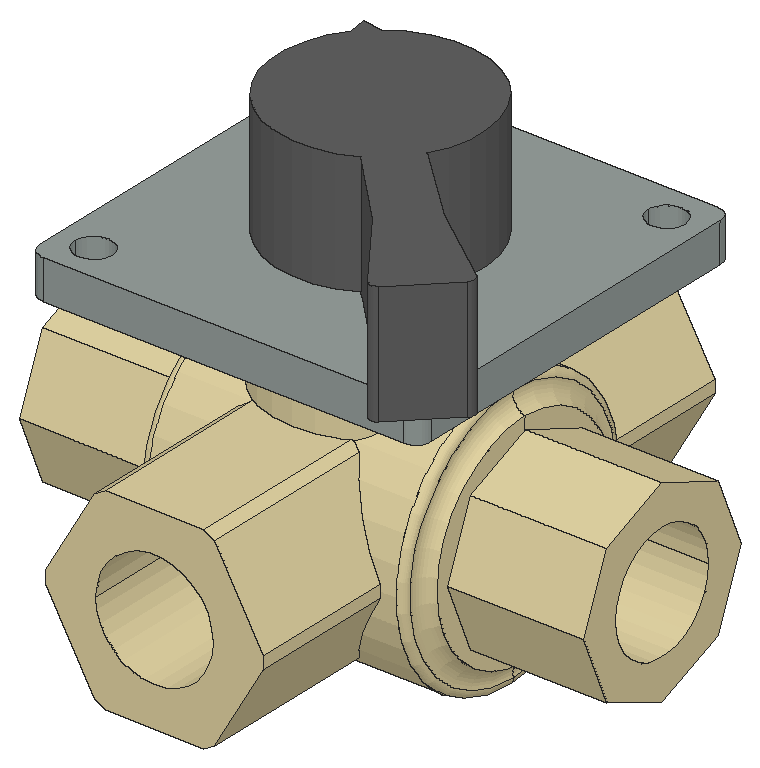
Revit family "QD34730000", category Apparecchi idraulici, Revit 2020
Family settings
  Quota connettore circolare = Usa diametro
  Tipo di parte = Normale
  Numero OmniClass = 23.45.00.00
  Titolo OmniClass = Sanitary, Laundry, and Cleaning Equipment
  Basato su piano di lavoro = No
  Sempre verticale = Sì
  Taglio con vuoti quando caricato = No
  Condiviso = No
  Punto di calcolo locali = No
Parameters
  URL = "https://web.cimberio.com/index.php/figura/1110?subcategoria_id="
  Temperatura di esercizio = "-10 ÷ 95°C"
  Prospetto di default = 0 mm
  Produttore = "CIMBERIO SPA"
  Pressione nominale = "PN 16"
  Modello = "Cim 684"
  Materiale = "Prodotto in lega di ottone conforme alla norma EN 12165-CW617N-DW"
  Descrizione = "Utilizzato nei più svariati settori dell'impiantistica: impianti di riscaldamento, condizionamento, idrici, igienico-sanitari e in generale con ogni fluido non corrosivo.\r\nParticolarmente indicato come valvola  per la regolazione e contabilizzazione di impianti di riscaldamento singoli o a zone, impianti con utilizzazione di energie alternative, impianti con fluidi caldi o freddi e impianti di automazione in genere"
  DN Model [instance] = QD34731015 : QD34731015
  DN [instance] = 15 mm
  Commenti sul tipo = "Realizzato in ottemperanza ai requisiti gestionali della norma EN ISO 9001.\r\nCollaudato al 100% secondo la normativa EN 12266-1"
Reference planes
  plane 1 "Centro (Fronte/Retro)": y = 0
  plane 2: z = 0
  plane 3 "Centro (Sinistra/Destra)": x = 0
Dimensions and locks
  aligned and locked: level to plane 2
Nested families
  nested 1: "QD34731015" at (0, 0, 0), type <- "DN Model", type "QD34731015"
  nested 2: "QD34731015" at (0, 0, 0), type <- "DN Model", type "QD34731015"
  nested 3: "QD34731015" at (0, 0, 0), type <- "DN Model", type "QD34731015"
  nested 4: "QD34731015" at (0, 0, 0), type <- "DN Model", type "QD34731015"
  nested 5: "QD34731015" at (0, 0, 0), type <- "DN Model", type "QD34731015"
  nested 6: "QD34731015" at (0, 0, 0), type <- "DN Model", type "QD34731015"
  nested 7: "QD34731015" at (0, 0, 0), type <- "DN Model", type "QD34731015"
  nested 8: "QD34731015" at (0, 0, 0), type <- "DN Model", type "QD34731015"
Connectors
  piping at (36, 0, 0), diameter 15, driven by "DN"
    settings: on nested 1, index 1, connector inside diameter 609.6 mm, connector length 0 mm, flow factor 0, pipe flow 0.0 L/s, pressure drop 0.0 Pa, fitting loss kfactor 0, connector angle 0.00°, fixture units 0, engagement length 0 mm, angle of deflection 0.00°, flow configuration 0, flow direction 0, fitting loss method 0, system type 7, joint type 0, gender type 0, connector reference index -1, connector utility 0, adjustable connector no, is connector primary yes, connector description ""
  piping at (0, -36, 0), diameter 15, driven by "DN"
    settings: on nested 1, index 2, connector inside diameter 609.6 mm, connector length 0 mm, flow factor 0, pipe flow 0.0 L/s, pressure drop 0.0 Pa, fitting loss kfactor 0, connector angle 0.00°, fixture units 0, engagement length 0 mm, angle of deflection 0.00°, flow configuration 0, flow direction 0, fitting loss method 0, system type 7, joint type 0, gender type 0, connector reference index -1, connector utility 0, adjustable connector no, is connector primary no, connector description ""
  piping at (-36, 0, 0), diameter 15, driven by "DN"
    settings: on nested 1, index 3, connector inside diameter 609.6 mm, connector length 0 mm, flow factor 0, pipe flow 0.0 L/s, pressure drop 0.0 Pa, fitting loss kfactor 0, connector angle 0.00°, fixture units 0, engagement length 0 mm, angle of deflection 0.00°, flow configuration 0, flow direction 0, fitting loss method 0, system type 7, joint type 0, gender type 0, connector reference index -1, connector utility 0, adjustable connector no, is connector primary no, connector description ""
  piping at (0, 36, 0), diameter 15, driven by "DN"
    settings: on nested 1, index 4, connector inside diameter 609.6 mm, connector length 0 mm, flow factor 0, pipe flow 0.0 L/s, pressure drop 0.0 Pa, fitting loss kfactor 0, connector angle 0.00°, fixture units 0, engagement length 0 mm, angle of deflection 0.00°, flow configuration 0, flow direction 0, fitting loss method 0, system type 7, joint type 0, gender type 0, connector reference index -1, connector utility 0, adjustable connector no, is connector primary no, connector description ""
Definition of nested family "QD34731015"
  Parameters (values of type "QD34731015")
    URL = "https://web.cimberio.it/index.php/figura/394?subcategoria_id="
    Temperatura di esercizio = "-10 ÷ 95°C"
    Default Elevation = 0 mm
    Manufacturer = "CIMBERIO SPA"
    Pressione nominale = "PN 16"
    Model = "Cim 32"
    Materiale = "Prodotto in lega di ottone conforme alla norma EN 12165-CW617N-DW"
    Description = "Impiegato nei più svariati settori dell'impiantistica in condutture anti-ritorno per: reti di distribuzione acqua potabile, impianti di riscaldamento, condizionamento, igienico-sanitari e in generale con ogni fluido non corrosivo."
    DN [instance] = 50 mm
    Type Comments = "Realizzato in ottemperanza ai requisiti gestionali della norma EN ISO 9001.\r\nCollaudato al 100% secondo la normativa EN 12266-1"
  Reference planes
    plane 1 "Centro (Fronte/Retro)": y = 0
    plane 2: z = 0
    plane 3 "Centro (Sinistra/Destra)": x = 0
  Forms (mm)
    Revolve 1, solid
      sketch origin (51.589, 0, -3.5) x (-1, 0, 0) y (0, 0, -1)
        loop
          arc (35.589, 14) -> (34.882, 13.707) -> (34.589, 13) r 1
          arc (34.589, 13) -> (34.343, 11.448) -> (33.089, 10.5) r 2.103
          line (33.089, 10.5) -> (33.089, 4) -> (70.089, 4) -> (70.089, 10.5)
          arc (70.089, 10.5) -> (68.993, 11.542) -> (68.589, 13) r 2.833
          arc (68.589, 13) -> (68.296, 13.707) -> (67.589, 14) r 1
          line (67.589, 14) -> (35.589, 14)
        axis (70.089, -3.5) -> (33.089, -3.5)
      angle from 0 to 360
    Extrusion 2, solid
      sketch origin (0, 0, 0) x (0, 1, 0) y (0, 0, 1)
        loop
          circle (0, 0) r 7.5
        loop
          line (0, 12.5) -> (-8.839, 8.839) -> (-12.5, 0) -> (-8.839, -8.839) -> (0, -12.5) -> (8.839, -8.839) -> (12.5, 0) -> (8.839, 8.839) -> (0, 12.5)
      from -36 to -18
    Revolve 3, solid
      sketch origin (51.589, 0, -3.5) x (-1, 0, 0) y (0, 0, -1)
        loop
          line (65.589, -27) -> (65.589, -13.062) -> (51.589, -13.062) -> (51.589, -27) -> (65.589, -27)
        axis (51.589, -27) -> (51.589, -13.062)
      angle from 0 to 360
    Extrusion 4, solid
      sketch origin (0, 0, 0) x (1, 0, 0) y (0, 0, 1)
        loop
          arc (-6.305, 12.5) -> (-7, 12.124) -> (-7.673, 11.71) r 14
          line (-7.673, 11.71) -> (-13.978, 0.79)
          arc (-13.978, 0.79) -> (-14, 0) -> (-13.978, -0.79) r 14
          line (-13.978, -0.79) -> (-7.673, -11.71)
          arc (-7.673, -11.71) -> (-7, -12.124) -> (-6.305, -12.5) r 14
          line (-6.305, -12.5) -> (6.305, -12.5)
          arc (6.305, -12.5) -> (7, -12.124) -> (7.673, -11.71) r 14
          line (7.673, -11.71) -> (13.978, -0.79)
          arc (13.978, -0.79) -> (14, 0) -> (13.978, 0.79) r 14
          line (13.978, 0.79) -> (7.673, 11.71)
          arc (7.673, 11.71) -> (7, 12.124) -> (6.305, 12.5) r 14
          line (6.305, 12.5) -> (-6.305, 12.5)
        loop
          circle (0, 0) r 7.5
      from 7.792 to 36
    Extrusion 5, solid
      sketch origin (-37.361, 0, 130.6) x (1, 0, 0) y (0, 1, 0)
        loop
          line (60.361, 25) -> (14.361, 25)
          arc (14.361, 25) -> (12.947, 24.414) -> (12.361, 23) r 2
          line (12.361, 23) -> (12.361, -23)
          arc (12.361, -23) -> (12.947, -24.414) -> (14.361, -25) r 2
          line (14.361, -25) -> (60.361, -25)
          arc (60.361, -25) -> (61.776, -24.414) -> (62.361, -23) r 2
          line (62.361, -23) -> (62.361, 23)
          arc (62.361, 23) -> (61.776, 24.414) -> (60.361, 25) r 2
        loop
          circle (17.031, 20.33) r 2.4
        loop
          circle (57.691, 20.33) r 2.4
        loop
          circle (17.031, -20.33) r 2.4
        loop
          circle (57.691, -20.33) r 2.4
      from -107.1 to -102.1
    Extrusion 6, solid
      sketch origin (-37.361, 0, 130.6) x (1, 0, 0) y (0, 1, 0)
        loop
          arc (27.196, 8.104) -> (27.528, -8.503) -> (43.912, -11.229) r 13
          arc (43.912, -11.229) -> (52.71, -20.358) -> (60.243, -30.557) r 97
          arc (60.243, -30.557) -> (60.978, -31.011) -> (61.792, -30.724) r 1
          line (61.792, -30.724) -> (68.086, -24.43)
          arc (68.086, -24.43) -> (68.373, -23.616) -> (67.919, -22.882) r 1
          arc (67.919, -22.882) -> (57.72, -15.349) -> (48.591, -6.55) r 97
          arc (48.591, -6.55) -> (45.864, 9.834) -> (29.258, 10.165) r 13
          line (29.258, 10.165) -> (26.755, 10.607) -> (27.196, 8.104)
      from -101.69 to -86.19
    Extrusion 7, solid
      sketch origin (0, 0, 0) x (0, 1, 0) y (0, 0, -1)
        loop
          circle (0, 0) r 7.5
        loop
          line (0, -12.5) -> (8.839, -8.839) -> (12.5, 0) -> (8.839, 8.839) -> (0, 12.5) -> (-8.839, 8.839) -> (-12.5, 0) -> (-8.839, -8.839) -> (0, -12.5)
      from -36 to -18
    Extrusion 8, solid
      sketch origin (0, 0, 0) x (1, 0, 0) y (0, 0, -1)
        loop
          line (-6.305, -12.5) -> (6.305, -12.5)
          arc (6.305, -12.5) -> (7, -12.124) -> (7.673, -11.71) r 14
          line (7.673, -11.71) -> (13.978, -0.79)
          arc (13.978, -0.79) -> (14, 0) -> (13.978, 0.79) r 14
          line (13.978, 0.79) -> (7.673, 11.71)
          arc (7.673, 11.71) -> (7, 12.124) -> (6.305, 12.5) r 14
          line (6.305, 12.5) -> (-6.305, 12.5)
          arc (-6.305, 12.5) -> (-7, 12.124) -> (-7.673, 11.71) r 14
          line (-7.673, 11.71) -> (-13.978, 0.79)
          arc (-13.978, 0.79) -> (-14, 0) -> (-13.978, -0.79) r 14
          line (-13.978, -0.79) -> (-7.673, -11.71)
          arc (-7.673, -11.71) -> (-7, -12.124) -> (-6.305, -12.5) r 14
        loop
          circle (0, 0) r 7.5
      from 7.792 to 36
  Cuts and joins
    joined: Revolve 1, Extrusion 4
  Dimensions and locks
    aligned and locked: level to plane 2
